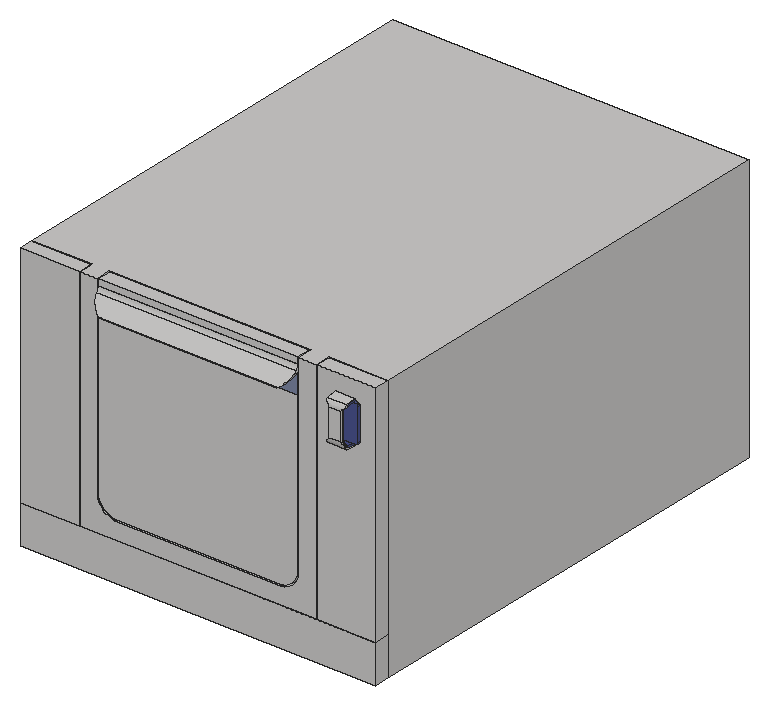
Revit family "QF_ELECTROLUXPROFESSIONAL_588652_MB4GCAFOAO", category Attrezzature speciali, Revit 2020
Family settings
  Quota connettore circolare = Usa diametro
  Tipo di parte = Normale
  Basato su piano di lavoro = No
  Sempre verticale = Sì
  Taglio con vuoti quando caricato = No
  Condiviso = No
  Punto di calcolo locali = No
Parameters (values of type "Standard")
  Weight = 23.00 kg
  Watts = 1000 W
  Volts = 400 V
  URL Manufacturer = "https://www.electroluxprofessional.com/"
  URL = "https://www.electroluxprofessional.com/"
  Steam Supply Size = 0"
  Steam Supply Minimum Pressure = 0.00 psi
  Steam Supply Maximum Pressure = 0.00 psi
  Steam Consumption per Hour = 0
  Refrigeration Suction Line Size = 0 mm
  Refrigeration Liquid Line Size = 0 mm
  Refrigerant Compressor Remote = yes
  Prospetto di default = 0 mm
  Phase = 3
  Modello = "MB4GCAFOAO"
  Produttore = "Electrolux Professional"
  Length Actual = 600 mm  # constant formula
  Item Number = "588652"
  Hot Water Size = 0"
  Height Actual = 450 mm  # constant formula
  HP = "1.3 HP"
  Gas Size = 0"
  Gas KW = 0
  Gas Input Pressure = 0.0 Btu/h
  Direct Waste Size = 0"
  Descrizione = "EL.WARM.CAB,GN,1 DOOR,1S,H2,600X850X450H"
  Depth Actual = 850 mm  # constant formula
  Cycle = 50 Hz
  Condensate Return Size = 0"
  Compressed Air Volume = 0 GPM
  Compressed Air Size = 0"
  Compressed Air Pressure = 0.00 psi
  Cold Water Size = 0"
  Accessory = yes
Reference planes
  plane 1 "BACK": y = 0
  plane 2: z = 0
  plane 3 "LEFT": x = 0
  plane 4 "RIGHT": x = 600
  plane 5 "FRONT": y = -850
  plane 6 "PLAIN": z = 900
  plane 7 "Center (Left/Right)": x = 300
  plane 8 "Center (Front/Back)": y = -425
  plane 9 "TOP": z = 650
  plane 10 "BASE": z = 200
  plane 11: x = 522
  plane 12: x = 78
  plane 13 "Feet_back": y = -150
  plane 14 "Feet_Front": y = -720
  plane 15: x = 100
  plane 16: x = 500
  plane 17: z = 265
  plane 18: y = -45
  plane 19: y = -805
  plane 20: y = -70
  plane 21: y = -830
  plane 22 "ButtonX": x = 550
  plane 23 "ButtonZ": z = 590
  plane 24 "EIy": y = -537.367
  plane 25 "EIx": x = 579.018
Forms (mm)
  Extrusion 1, solid, material "QF_Finishes_Stainless Steel"
    sketch origin (0, 0, 650) x (0, 1, 0) y (0, 0, 1)
      loop
        line (-45, -450) -> (-45, 0) -> (-805, 0) -> (-805, -450) -> (-45, -450)
    from 0 to 600
  Extrusion 2, solid, material "QF_Finishes_Stainless Steel"
    sketch origin (0, 0, 650) x (0, 1, 0) y (0, 0, 1)
      loop
        line (-830, -450) -> (-805, -450) -> (-805, -385) -> (-830, -385) -> (-830, -450)
    from 0 to 600
  Extrusion 3, void
    sketch origin (0, -850, 0) x (1, 0, 0) y (0, 0, 1)
      loop
        line (100, 650) -> (100, 265) -> (500, 265) -> (500, 650) -> (100, 650)
    from 0 to -780
  Extrusion 4, solid, material "QF_Finishes_Stainless Steel"
    sketch origin (0, -850, 0) x (1, 0, 0) y (0, 0, 1)
      loop
        line (130, 650) -> (130, 627) -> (470, 627) -> (470, 650) -> (130, 650)
    from -45 to -805
  Extrusion 5, solid, material "QF_Finishes_Stainless Steel"
    sketch origin (0, -850, 0) x (1, 0, 0) y (0, 0, 1)
      loop
        line (100, 650) -> (100, 265) -> (500, 265) -> (500, 650) -> (470, 650) -> (470, 325)
        arc (470, 325) -> (461.213, 303.787) -> (440, 295) r 30
        line (440, 295) -> (160, 295)
        arc (160, 295) -> (138.787, 303.787) -> (130, 325) r 30
        line (130, 325) -> (130, 650) -> (100, 650)
    from -20 to -780
  Extrusion 6, solid, material "QF_Finishes_Stainless Steel"
    sketch origin (0, -850, 0) x (1, 0, 0) y (0, 0, 1)
      loop
        line (0, 650) -> (0, 265) -> (100, 265) -> (100, 650) -> (0, 650)
    from -20 to -45
  Extrusion 7, solid, material "QF_Finishes_Stainless Steel"
    sketch origin (0, -850, 0) x (1, 0, 0) y (0, 0, 1)
      loop
        line (500, 650) -> (500, 265) -> (600, 265) -> (600, 650) -> (500, 650)
    from -20 to -45
  Extrusion 8, solid, material "QF_Finishes_Stainless Steel"
    sketch origin (0, 0, 200) x (-1, 0, 0) y (0, -1, 0)
      loop
        circle (-579.018, 537.367) r 10
    from 0 to -5
Cuts and joins
  Extrusion 3 cuts Extrusion 1
  joined: Extrusion 1, Extrusion 4, Extrusion 5
Lines and regions (mm)
  symbolic lines, style "SpecialityEquipmentHiddenLines"
    curve 1: line (0, 0, 0) -> (600, 0, 0)
    curve 2: line (0, -850, 0) -> (0, 0, 0)
    curve 3: line (600, -850, 0) -> (0, -850, 0)
    curve 4: line (600, 0, 0) -> (600, -850, 0)
Dimensions and locks
  plane 3 "LEFT" to plane 4 "RIGHT" = 600 mm
  plane 5 "FRONT" to plane 1 "BACK" = 850 mm
  equal spacing: plane 3 "LEFT", plane 7 "Center (Left/Right)", plane 4 "RIGHT"
  equal spacing: plane 5 "FRONT", plane 8 "Center (Front/Back)", plane 1 "BACK"
  plane 6 "PLAIN" to plane 9 "TOP" = 250 mm
  plane 10 "BASE" to level = 200 mm
  plane 9 "TOP" to plane 10 "BASE" = 450 mm
  locked: plane 1 "BACK" to plane 13 "Feet_back" at 150
  locked: plane 14 "Feet_Front" to plane 5 "FRONT" at 130
  locked: plane 12 to plane 3 "LEFT" at 78
  locked: plane 11 to plane 4 "RIGHT" at 78
  plane 16 to plane 15 = 400 mm
  equal spacing: plane 16, plane 7 "Center (Left/Right)", plane 15
  locked: plane 17 to plane 10 "BASE" at 65
  locked: plane 1 "BACK" to plane 18 at 45
  plane 9 "TOP" to Extrusion 4 sketch curve = 23 mm
  locked: Extrusion 4 sketch curve to plane 15 at 30
  locked: plane 16 to Extrusion 4 sketch curve at 30
  locked: Extrusion 5 sketch curve to plane 17 at 30
  plane 6 "PLAIN" to level = 900 mm
  Extrusion 5 to Extrusion 5 = 340 mm
  locked: plane 18 to plane 20 at 25
  locked: plane 21 to plane 5 "FRONT" at 20
  locked: plane 19 to plane 21 at 25
  plane 18 to plane 21 = 785 mm
  plane 22 "ButtonX" to plane 4 "RIGHT" = 50 mm
  plane 23 "ButtonZ" to level = 590 mm
  aligned and locked: level to plane 2
  aligned and locked: Extrusion 1 to plane 4 "RIGHT"
  aligned and locked: Extrusion 1 to plane 3 "LEFT"
  aligned and locked: Extrusion 2 to plane 4 "RIGHT"
  aligned and locked: plane 9 "TOP" to Extrusion 3 sketch curve
  aligned and locked: Extrusion 3 sketch curve to plane 15
  aligned and locked: plane 16 to Extrusion 3 sketch curve
  aligned and locked: Extrusion 2 to plane 10 "BASE"
  aligned and locked: Extrusion 2 to plane 17
  aligned and locked: plane 17 to Extrusion 3 sketch curve
  aligned and locked: Extrusion 4 to plane 18
  aligned and locked: Extrusion 5 sketch curve to plane 15
  aligned and locked: plane 16 to Extrusion 5 sketch curve
  aligned and locked: plane 9 "TOP" to Extrusion 5 sketch curve  (x2)
  aligned and locked: plane 17 to Extrusion 5 sketch curve
  aligned and locked: Extrusion 5 sketch curve to Extrusion 4  (x2)
  aligned and locked: Extrusion 6 sketch curve to plane 9 "TOP"
  aligned and locked: plane 3 "LEFT" to Extrusion 6 sketch curve
  aligned and locked: Extrusion 6 sketch curve to plane 17
  aligned and locked: Extrusion 6 sketch curve to plane 15
  aligned and locked: Extrusion 7 sketch curve to plane 9 "TOP"
  aligned and locked: plane 16 to Extrusion 7 sketch curve
  aligned and locked: Extrusion 7 sketch curve to plane 17
  aligned and locked: plane 4 "RIGHT" to Extrusion 7 sketch curve
  aligned and locked: cut or joined group of Extrusion 1, Extrusion 3, Extrusion 4, Extrusion 5 to Extrusion 4
  aligned and locked: plane 7 "Center (Left/Right)" to nested 1
  aligned and locked: Extrusion 5 to plane 20
  aligned and locked: cut or joined group of Extrusion 1, Extrusion 3, Extrusion 4, Extrusion 5 to plane 20
  aligned and locked: cut or joined group of Extrusion 1, Extrusion 3, Extrusion 4, Extrusion 5 to plane 18
  aligned and locked: plane 19 to Extrusion 4
  aligned and locked: Extrusion 6 to plane 19
  aligned and locked: plane 21 to Extrusion 6
  aligned and locked: plane 21 to Extrusion 5
  aligned and locked: plane 21 to Extrusion 7
  aligned and locked: Extrusion 7 to plane 19
  aligned and locked: Extrusion 2 to plane 19
  aligned and locked: plane 21 to Extrusion 2
  aligned and locked: plane 23 "ButtonZ" to nested 2
  aligned and locked: nested 2 to plane 21
  aligned and locked: plane 22 "ButtonX" to nested 2
Automatic sketch dimensions
  Extrusion 1 sketch curve to plane 10 "BASE" = 0 mm
  Extrusion 1 sketch curve to plane 9 "TOP" = 0 mm
  plane 1 "BACK" to Extrusion 1 sketch curve = 45 mm
  Extrusion 1 sketch curve to plane 5 "FRONT" = 45 mm
  Extrusion 2 sketch curve to plane 5 "FRONT" = 20 mm
  Extrusion 2 sketch curve to plane 9 "TOP" = 385 mm
  plane 10 "BASE" to Extrusion 2 sketch curve = 0 mm
  Extrusion 2 sketch curve to plane 5 "FRONT" = 45 mm
  Extrusion 4 sketch curve to plane 9 "TOP" = 0 mm
  Extrusion 5 sketch curve to Extrusion 5 sketch curve = 30 mm  (x2)
  curve 3 to plane 3 "LEFT" = 0 mm
  curve 3 to plane 4 "RIGHT" = 0 mm
  plane 5 "FRONT" to curve 3 = 0 mm
  plane 1 "BACK" to curve 2 = 0 mm
  Extrusion 8 sketch curve to plane 24 "EIy" = 0 mm
  Extrusion 8 sketch curve to plane 25 "EIx" = 0 mm
  radius of Extrusion 8 sketch curve = 10 mm
Nested families
  nested 1: "H450H2_1DOOR" at (263.958, -805, 200) x (1, 0, 0) z (0, -1, 0), type "H450H2_1DOOR"
    with Width 340 mm, Show Clearance yes
  nested 2: "Range Control Handle" at (550, -833.137, -381.092), type "Range Control Handle"
Connectors
  electrical at (579.018, -537.367, 195), driven by "Volts"
    settings: on Extrusion 8, index 1, voltage 400 V, apparent load 0 VA, apparent load phase1 0 VA, apparent load phase2 0 VA, apparent load phase3 0 VA, power factor 1, load classification "Other", number of poles 1, system type 30, power factor state 1, is connector primary yes, connector utility no, sub classification motor no, connector description "Electrical Connection"
Definition of nested family "H450H2_1DOOR"
  Parameters
    Width [instance] = 340 mm
    Show Clearance [instance] = yes
    Model = "727995"
    Height = 450 mm
    Default Elevation = 0 mm
  Reference planes
    plane 1 "Center (Front/Back)": y = 0
    plane 2: z = 0
    plane 3 "Center (Left/Right)": x = 36.042
    plane 4 "panel": z = 25
    plane 5: x = -133.958
    plane 6: x = 206.042
    plane 7: y = 450
    plane 8: z = 340
    plane 9: z = 45
    plane 10: x = -108.958
  Forms (mm)
    Extrusion 1, solid
      sketch origin (0, -919.2, 0) x (1, 0, 0) y (0, 1, 0)
        loop
          line (-980.5, 2119.2) -> (-980.5, -162.846) -> (881.94, -162.846) -> (881.94, 2119.2) -> (-980.5, 2119.2)
      from 0 to -59.546
    Extrusion 2, solid
      sketch origin (0, 0, 0) x (1, 0, 0) y (0, 1, 0)
        loop
          arc (-131.958, 127) -> (-123.171, 105.787) -> (-101.958, 97) r 30
          line (-101.958, 97) -> (174.042, 97)
          arc (174.042, 97) -> (195.255, 105.787) -> (204.042, 127) r 30
          line (204.042, 127) -> (204.042, 393) -> (-131.958, 393) -> (-131.958, 127)
      from 0 to 25
    Extrusion 3, solid
      sketch origin (0, 0, 0) x (1, 0, 0) y (0, 1, 0)
        loop
          line (-131.958, 393) -> (204.042, 393) -> (204.042, 440) -> (-131.958, 440) -> (-131.958, 393)
      from 0 to 25
    Extrusion 4, solid
      sketch origin (36.042, 0, 0) x (0, 1, 0) y (0, 0, 1)
        loop
          line (426.693, 25) -> (440.02, 25)
          arc (440.02, 25) -> (435.261, 25.775) -> (430.993, 28.02) r 15
          line (430.993, 28.02) -> (406.653, 46.362) -> (403.644, 42.369) -> (426.693, 25)
      from -168 to 168
    Extrusion 5, void
      sketch origin (72.084, 0, 0) x (-1, 0, 0) y (0, -1, 0)
        loop
          line (204.042, -426.693) -> (204.042, -403.644) -> (180.317, -403.644)
          arc (180.317, -403.644) -> (194.508, -412.772) -> (204.042, -426.693) r 42.603
      from 25 to 47.9
    Extrusion 6, solid
      sketch origin (0, 0, 0) x (1, 0, 0) y (0, 1, 0)
        loop
          line (-131.958, 440) -> (204.042, 440) -> (204.042, 450) -> (-131.958, 450) -> (-131.958, 440)
      from 0 to 25
    Extrusion 7, void
      sketch origin (0, 0, 0) x (1, 0, 0) y (0, 1, 0)
        loop
          arc (204.042, 426.693) -> (194.508, 412.772) -> (180.317, 403.644) r 42.603
          line (180.317, 403.644) -> (204.042, 403.644) -> (204.042, 426.693)
      from 25 to 47.9
    Extrusion 8, solid, detail levels coarse
      sketch origin (0, 0, 0) x (1, 0, 0) y (0, 0, 1)
        loop
          line (-133.958, 340) -> (-133.958, 25) -> (206.042, 25)
          arc (206.042, 25) -> (107.107, 241.065) -> (-108.958, 340) r 340.918
          line (-108.958, 340) -> (-133.958, 340)
      from -450 to -97
  Cuts and joins
    Extrusion 5, Extrusion 7 cuts Extrusion 4
    Extrusion 7 cuts Extrusion 3
  Lines and regions (mm)
    symbolic lines
      curve 1: line (-133.958, 0, 340) -> (-133.958, 0, 45)
      curve 2: arc (203.986, 0, 44.931) -> (99.919, 0, 248.045) -> (-108.958, 0, 340) r 340.918
      curve 3: line (-108.958, 0, 45) -> (-108.958, 0, 340)
      curve 4: line (-108.958, 0, 340) -> (-133.958, 0, 340)
  Dimensions and locks
    plane 4 "panel" to level = 25 mm
    "Width": plane 5 to plane 6
    equal spacing: plane 5, plane 3 "Center (Left/Right)", plane 6
    "Height": plane 1 "Center (Front/Back)" to plane 7
    locked: plane 5 to Extrusion 2 sketch curve at 2
    locked: plane 1 "Center (Front/Back)" to Extrusion 2 sketch curve at 97
    locked: plane 7 to Extrusion 2 sketch curve at 57
    Extrusion 3 sketch curve to Extrusion 2 = 47 mm
    locked: Extrusion 2 sketch curve to plane 6 at 2
    "Width": Extrusion 1 to plane 8
    locked: plane 10 to plane 5 at 25
    aligned and locked: plane 2 to Extrusion 1
    aligned and locked: level to Extrusion 1
    aligned and locked: plane 4 "panel" to Extrusion 2
    aligned and locked: plane 4 "panel" to Extrusion 3
    aligned and locked: Extrusion 4 to Extrusion 3
    aligned and locked: Extrusion 3 to Extrusion 4
    aligned and locked: Extrusion 3 to Extrusion 2
    aligned and locked: cut or joined group of Extrusion 4, Extrusion 5, Extrusion 7 to plane 4 "panel"
    aligned and locked: plane 7 to Extrusion 6 sketch curve
    aligned and locked: plane 4 "panel" to Extrusion 6
    aligned and locked: Extrusion 2 to Extrusion 6
    aligned and locked: Extrusion 7 sketch curve to Extrusion 2
    aligned and locked: Extrusion 2 to cut or joined group of Extrusion 4, Extrusion 5, Extrusion 7
    aligned and locked: plane 5 to Extrusion 8 sketch curve
    aligned and locked: plane 4 "panel" to Extrusion 8 sketch curve
    aligned and locked: plane 7 to Extrusion 8
    aligned and locked: Extrusion 2 to Extrusion 8
  Automatic sketch dimensions
    Extrusion 1 sketch curve to Extrusion 1 sketch curve = 1862.44 mm
    Extrusion 1 sketch curve to Extrusion 1 sketch curve = 2282.046 mm
    Extrusion 2 sketch curve to Extrusion 2 sketch curve = 30 mm  (x2)
    plane 5 to Extrusion 3 sketch curve = 2 mm
    Extrusion 3 sketch curve to plane 6 = 2 mm
    Extrusion 3 sketch curve to Extrusion 3 sketch curve = 47 mm
    Extrusion 4 sketch curve to plane 4 "panel" = 0 mm
    plane 4 "panel" to Extrusion 4 sketch curve = 17.369 mm
    Extrusion 4 sketch curve to plane 7 = 46.356 mm
    plane 4 "panel" to Extrusion 4 sketch curve = 21.362 mm
    Extrusion 4 sketch curve to Extrusion 4 sketch curve = 3.009 mm
    plane 4 "panel" to Extrusion 4 sketch curve = 3.02 mm
    Extrusion 4 sketch curve to Extrusion 4 sketch curve = 9.027 mm
    plane 7 to Extrusion 5 sketch curve = 6.671 mm
    Extrusion 5 sketch curve to plane 5 = 41.221 mm
    Extrusion 5 sketch curve to plane 5 = 25.725 mm
    Extrusion 5 sketch curve to plane 5 = 2 mm
    plane 7 to Extrusion 5 sketch curve = 23.307 mm
    plane 5 to Extrusion 6 sketch curve = 2 mm
    Extrusion 6 sketch curve to plane 6 = 2 mm
    Extrusion 6 sketch curve to plane 7 = 10 mm
    Extrusion 7 sketch curve to Extrusion 7 sketch curve = 23.725 mm
    Extrusion 7 sketch curve to plane 7 = 6.671 mm
    Extrusion 7 sketch curve to plane 6 = 41.221 mm
    Extrusion 7 sketch curve to plane 7 = 23.307 mm
    curve 4 to plane 5 = 0 mm
    curve 3 to plane 8 = 0 mm
    plane 10 to curve 4 = 0 mm
    curve 2 to level = 0 mm
    curve 1 to plane 9 = 0 mm
    curve 3 to plane 9 = 0 mm
    curve 2 to plane 9 = 0.069 mm
    curve 2 to plane 5 = 0 mm
    Extrusion 8 sketch curve to level = 0 mm
    Extrusion 8 sketch curve to plane 5 = 0 mm
    Extrusion 8 sketch curve to plane 8 = 0 mm
    Extrusion 8 sketch curve to plane 6 = 0 mm
Definition of nested family "Range Control Handle"
  Parameters
    Default Elevation = 0 mm
  Reference planes
    plane 1 "Center (Front/Back)": y = 0
    plane 2: z = 0
    plane 3 "Center (Left/Right)": x = 0
    plane 4: z = 971.092
    plane 5: y = -16.9
  Forms (mm)
    Extrusion 1, solid
      sketch origin (-746.28, 380.497, 208.931) x (-1, 0, 0) y (0, 0, 1)
        loop
          line (-770.101, 786.798) -> (-770.101, 731.649)
          arc (-770.101, 731.649) -> (-769.759, 730.563) -> (-768.855, 729.87) r 1.893
          line (-768.855, 729.87) -> (-763.474, 727.911) -> (-729.81, 727.911) -> (-724.428, 729.87)
          arc (-724.428, 729.87) -> (-723.525, 730.563) -> (-723.183, 731.649) r 1.893
          line (-723.183, 731.649) -> (-723.183, 786.798)
          arc (-723.183, 786.798) -> (-723.529, 787.894) -> (-724.44, 788.593) r 1.91
          line (-724.44, 788.593) -> (-729.683, 790.819) -> (-763.601, 790.819) -> (-768.844, 788.593)
          arc (-768.844, 788.593) -> (-769.755, 787.894) -> (-770.101, 786.798) r 1.91
      from -382.35 to -378.852
    Sweep 2, solid
      path origin (-746.788, 380.496, 208.091) x (0, -1, 0) y (0, 0, 1)
        loop
          line (379.775, 793.281) -> (395.661, 791.048)
          arc (395.661, 791.048) -> (397.781, 787.377) -> (398.517, 783.202) r 12.207
          line (398.517, 783.202) -> (398.517, 737.368)
          arc (398.517, 737.368) -> (397.781, 733.193) -> (395.661, 729.522) r 12.207
          line (395.661, 729.522) -> (379.775, 727.289)
      profile origin (-746.788, -7.222, 1000.256) x (0, -0.139173, 0.990268) y (-1, 0, 0)
        loop
          line (0.782, -763.123) -> (0.782, -730.907) -> (-1.322, -730.907) -> (-1.322, -763.123) -> (0.782, -763.123)
    Sweep 3, solid
      path origin (-746.788, 380.715, 207.832) x (0, -1, 0) y (0, 0, 1)
        loop
          line (380.478, 795.442) -> (397.218, 793.09)
          arc (397.218, 793.09) -> (399.929, 788.473) -> (400.871, 783.202) r 15.207
          line (400.871, 783.202) -> (400.871, 737.584)
          arc (400.871, 737.584) -> (399.914, 732.274) -> (397.164, 727.633) r 15.207
          line (397.164, 727.633) -> (380.601, 725.305)
      profile origin (-746.788, -8.132, 1002.099) x (0, -0.139173, 0.990268) y (-1, 0, 0)
        loop
          line (0.782, -763.123) -> (0.782, -730.907) -> (-1.322, -730.907) -> (-1.322, -763.123) -> (0.782, -763.123)
    Extrusion 4, void
      sketch origin (889.253, 220.666, 207.993) x (1, 0, 0) y (0, 0, 1)
        loop
          line (-943.038, 816.854) -> (-943.038, 703.686) -> (-899.466, 734.196) -> (-899.466, 786.344) -> (-943.038, 816.854)
      from 230.636 to 242.25
    Extrusion 5, void
      sketch origin (-888.8, 220.666, 207.993) x (-1, 0, 0) y (0, 0, -1)
        loop
          line (-943.038, -816.854) -> (-899.466, -786.344) -> (-899.466, -734.196) -> (-943.038, -703.686) -> (-943.038, -816.854)
      from 230.636 to 242.25
    Extrusion 6, solid
      sketch origin (0, 0, 0) x (1, 0, 0) y (0, 0, 1)
        loop
          circle (0, 971.092) r 7.736
      from -3.137 to -1.645
  Cuts and joins
    Extrusion 4, Extrusion 5 cuts Sweep 3
    Extrusion 4, Extrusion 5 cuts Sweep 2
    joined: Extrusion 1, Extrusion 6
  Lines and regions (mm)
    symbolic lines
      curve 1: line (16.334, -16.9, 0) -> (16.334, -19.227, 0)
      curve 2: spline (16.334, -19.227, 0) -> (15.87, -19.385, 0) -> (15.404, -19.536, 0) -> (14.936, -19.678, 0) -> (14.466, -19.813, 0) -> (13.995, -19.94, 0) -> (13.523, -20.059, 0) -> (13.049, -20.171, 0) -> (12.575, -20.274, 0) -> (12.099, -20.37, 0) -> (11.622, -20.458, 0) -> (11.144, -20.537, 0) -> (10.666, -20.609, 0)
      curve 3: line (10.666, -16.9, 0) -> (10.666, -20.938, 0)
      curve 4: line (-10.213, -20.938, 0) -> (10.666, -20.938, 0)
      curve 5: line (-10.213, -20.938, 0) -> (-10.213, -16.9, 0)
      curve 6: spline (-10.213, -20.609, 0) -> (-10.691, -20.537, 0) -> (-11.169, -20.458, 0) -> (-11.646, -20.37, 0) -> (-12.122, -20.274, 0) -> (-12.597, -20.171, 0) -> (-13.07, -20.059, 0) -> (-13.542, -19.94, 0) -> (-14.013, -19.813, 0) -> (-14.483, -19.678, 0) -> (-14.951, -19.536, 0) -> (-15.417, -19.385, 0) -> (-15.881, -19.227, 0)
      curve 7: line (-15.881, -19.227, 0) -> (-15.881, -16.9, 0)
